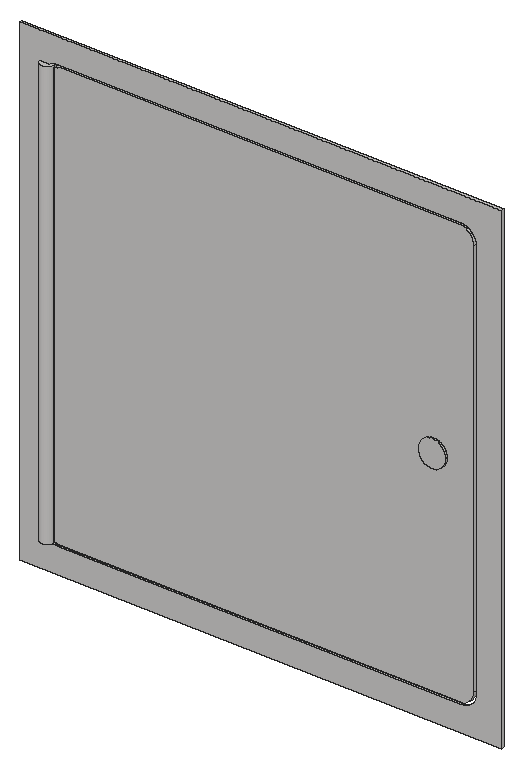
Revit family "Access_Door-Elmdor-SF_Series", category Specialty Equipment, Revit 2021
Family settings
  Round Connector Dimension = Use Diameter
  Part Type = Normal
  OmniClass Number = 23.30.10.27.17
  OmniClass Title = Access Doors
  Work Plane-Based = Yes
  Always vertical = No
  Cut with Voids When Loaded = No
  Shared = Yes
  Room Calculation Point = No
Parameters (values of type "SF16x16")
  URL = "https://www.elmdor.com/"
  Shipping Weight = "8 lbs."
  R1 = 1/2"
  Product Page URL = "https://www.elmdor.com/surf-access-doors-sf-series"
  Product Documentation Link = "https://www.elmdor.com/uploads/fileLibrary/ES-Customer-Specific-flyer_L1001467.pdf?v=638872759854440158"
  Nominal Door Width = Nominal Door Height  # 16"
  Nominal Door Height = 16"
  Model = "SF16x16"
  Material = "Metal-Elmdor-Stainless Steel"  # constant formula
  Manufacturer = "Elmdor Stoneman"
  Installation Type = "Recessed Wall Mounted"
  Finish = Metal-Elmdor-Stainless Steel
  Description = "For wall installation only, 16 gauge, galvannealed steel frame, prime coat finish\r\nequipped with both masonry anchors and bolt holes, 16 gauge, concealed type\r\nhinge, ring operated exterior recessed latch, release slide type interior latch.\r\nFire rated by UL Inc. For 1-1/2 hours, \"B\" label and meet ANSI-UL 10B\r\nstandard. Door has heavy duty spring closer to assure positive latching when\r\npanel closes.\r"
  Default Elevation = 0"
  Creation Date = "07/05/2025"  # constant formula
  Assembly Code = "C1020700"
  Actual Door Height - W = [Actual Door Height - H]  # 15 5/8"
  Actual Door Height - H = 15 5/8"
  -SS Sainless Steel Construction = no
  -SDL Screwdriver Latch = no
  -CLD Cylinder Lock with Dust Shutter = no
  -AKL Allen Key Latch = no
Types (9): name | Shipping Weight | Nominal Door Width | Nominal Door Height | Model | Actual Door Height - W | Actual Door Height - H
  (no name) | "8 lbs." | 16" | 16" | "SF16x16" | 15 5/8" | 15 5/8"
  SF16x16 | "8 lbs." | 16" | 16" | "SF16x16" | 15 5/8" | 15 5/8"
  SF8x8 | "2.5 lbs." | 8" | 8" | "SF8x8" | 7 5/8" | 7 5/8"
  SF10x10 | "3.5 lbs." | 10" | 10" | "SF10x10" | 9 5/8" | 9 5/8"
  SF12x12 | "4 lbs." | 12" | 12" | "SF12x12" | 11 5/8" | 11 5/8"
  SF14x14 | "6 lbs." | 14" | 14" | "SF14x14" | 13 5/8" | 13 5/8"
  SF18x18 | "9.5 lbs." | 18" | 18" | "SF18x18" | 17 5/8" | 17 5/8"
  SF22x22 | "13.5 lbs." | 22" | 22" | "SF22x22" | 21 5/8" | 21 5/8"
  SF24x24 | "16 lbs." | 24" | 24" | "SF24x24" | 23 5/8" | 23 5/8"
Reference planes (in)
  plane 1 "Center (Front/Back)": y = 0
  plane 2: z = 0
  plane 3 "Center (Left/Right)": x = 0
  plane 4: x = -7.8125
  plane 5: x = 7.8125
  plane 6: z = 15.625
  plane 7: y = 0.1
  plane 8: z = 16.625
  plane 9: x = -8.8125
  plane 10: x = 8.8125
  plane 11: z = -1
  plane 12: z = 7.8125
Forms (in)
  Extrusion 1, solid, material "Metal-Elmdor-Stainless Steel" <- "Finish"
    sketch origin (0, 0, 0) x (1, 0, 0) y (0, 0, 1)
      loop
        circle (6.3125, 7.8125) r 0.5
    from 0 to 0.05312
  Extrusion 2, solid, material "Metal-Elmdor-Stainless Steel" <- "Finish"
    sketch origin (0, 0, 0) x (1, 0, 0) y (0, 1, 0)
      loop
        circle (-7.8125, 0) r 0.25
    from 0 to 15.625
  Extrusion 3, solid, material "Metal-Elmdor-Stainless Steel" <- "Finish"
    sketch origin (0, 0, 0) x (1, 0, 0) y (0, 0, 1)
      loop
        line (-8.8125, 16.625) -> (-8.8125, -1) -> (8.8125, -1) -> (8.8125, 16.625) -> (-8.8125, 16.625)
      loop
        arc (-7.3125, 15.625) -> (-7.66605, 15.47855) -> (-7.8125, 15.125) r 0.5
        line (-7.8125, 15.125) -> (-7.8125, 0.46875)
        arc (-7.8125, 0.46875) -> (-7.67521, 0.13729) -> (-7.34375, 0) r 0.46875
        line (-7.34375, 0) -> (7.3125, 0)
        arc (7.3125, 0) -> (7.66605, 0.14645) -> (7.8125, 0.5) r 0.5
        line (7.8125, 0.5) -> (7.8125, 15.125)
        arc (7.8125, 15.125) -> (7.66605, 15.47855) -> (7.3125, 15.625) r 0.5
        line (7.3125, 15.625) -> (-7.3125, 15.625)
      loop
        arc (-7.44531, 15.72656) -> (-7.77677, 15.58927) -> (-7.91406, 15.25781) r 0.46875
        line (-7.91406, 15.25781) -> (-7.91406, 0.39844)
        arc (-7.91406, 0.39844) -> (-7.76762, 0.04488) -> (-7.41406, -0.10156) r 0.5
        line (-7.41406, -0.10156) -> (7.3357, -0.10156)
        arc (7.3357, -0.10156) -> (7.74466, 0.06784) -> (7.91406, 0.4768) r 0.57836
        line (7.91406, 0.4768) -> (7.91406, 15.09644)
        arc (7.91406, 15.09644) -> (7.7295, 15.542) -> (7.28394, 15.72656) r 0.63012
        line (7.28394, 15.72656) -> (-7.44531, 15.72656)
    from 0 to -0.1
Dimensions and locks (in)
  "Actual Door Height - W": plane 5 to plane 4
  "Actual Door Height - H": plane 6 to level
  equal spacing: plane 5, plane 3 "Center (Left/Right)", plane 4
  locked: plane 8 to plane 6 at 1
  locked: plane 5 to plane 10 at 1
  locked: plane 4 to plane 9 at 1
  locked: level to plane 11 at 1
  equal spacing: plane 6, plane 12, level
  locked: Extrusion 1 sketch curve to plane 5 at 1.5
  plane 1 "Center (Front/Back)" to plane 7 = 0.1"
  locked: plane 1 "Center (Front/Back)" to plane 7 at 0.1
  locked: Extrusion 3 sketch curve to Extrusion 3 sketch curve at 0.10156  (x4)
  locked: Extrusion 3 sketch curve to level at 0.4768
  locked: Extrusion 3 sketch curve to level at 0.5
  locked: plane 6 to Extrusion 3 sketch curve at 0.5
  locked: plane 6 to Extrusion 3 sketch curve at 0.52856
  locked: Extrusion 3 sketch curve to level at 0.39844
  locked: Extrusion 3 sketch curve to level at 0.46875
  aligned and locked: plane 12 to Extrusion 1 sketch curve
  aligned and locked: plane 4 to Extrusion 2 sketch curve
  aligned and locked: plane 1 "Center (Front/Back)" to Extrusion 2 sketch curve
  aligned and locked: plane 6 to Extrusion 2
  aligned and locked: Extrusion 2 to level
  aligned and locked: Extrusion 3 sketch curve to plane 8
  aligned and locked: plane 9 to Extrusion 3 sketch curve
  aligned and locked: Extrusion 3 sketch curve to plane 11
  aligned and locked: plane 10 to Extrusion 3 sketch curve
  aligned and locked: Extrusion 2 to Extrusion 3 sketch curve
  aligned and locked: plane 4 to Extrusion 3 sketch curve
  aligned and locked: level to Extrusion 3 sketch curve
  aligned and locked: plane 5 to Extrusion 3 sketch curve
  aligned and locked: Extrusion 3 to plane 7
Automatic sketch dimensions
  Extrusion 3 sketch curve to Extrusion 3 sketch curve = 1/2"
  Extrusion 3 sketch curve to Extrusion 3 sketch curve = 17/128"
  radius of Extrusion 1 sketch curve = 1/2"
  radius of Extrusion 2 sketch curve = 1/4"
